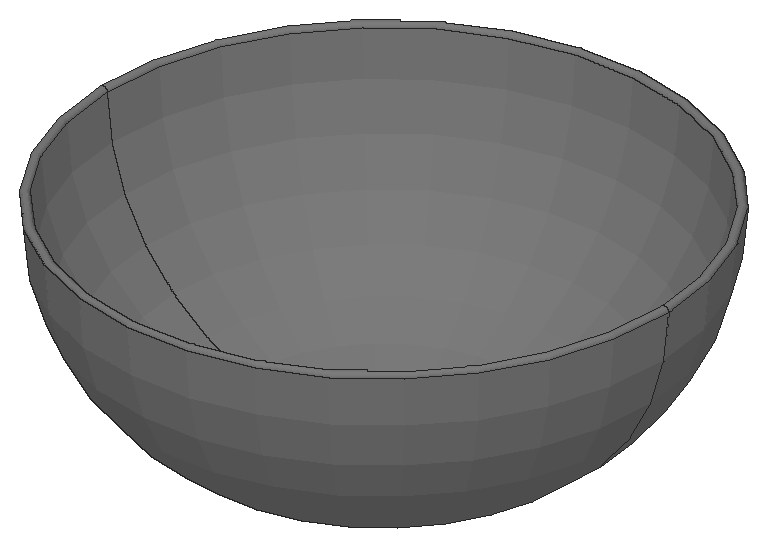
Revit family "IPSOS", category Plumbing Fixtures, Revit 2017
Family settings
  Round Connector Dimension = Use Diameter
  Part Type = Normal
  OmniClass Number = 23.45.00.00
  OmniClass Title = Sanitary, Laundry, and Cleaning Equipment
  Work Plane-Based = No
  Always vertical = Yes
  Cut with Voids When Loaded = No
  Shared = No
  Room Calculation Point = No
Parameters (values of type "IPSOS_Black")
  Waste size = 32 mm
  URL = "www.seima.com.au"
  Model = "IPSOS"
  Manufacturer = "SEIMA"
  Chrome = CHROME
  Basin Meterial = Vitreous china_Soft black
Types (3, lengths in mm): name | Basin Meterial
  (no name) | Vitreous china_Soft black
  IPSOS_White | Vitreous china_White
  IPSOS_Black | Vitreous china_Soft black
Reference planes
  plane 1 "Center (Front/Back)": y = 0
  plane 2: z = 0
  plane 3 "Center (Left/Right)": x = 0
Forms (mm)
  Revolve 1, solid, material "Vitreous china_Soft black" <- "Basin Meterial"
    sketch origin (0, 0, 0) x (1, 0, 0) y (0, 0, 1)
      loop
        arc (-177.479, 147.466) -> (-144.948, 56.865) -> (-62.214, 7.65) r 142.432
        line (-62.214, 7.65) -> (-62.214, 0) -> (0, 0) -> (0, 1.086) -> (-29.661, 1.086) -> (-29.661, 9.066)
        arc (-29.661, 9.066) -> (-29.954, 9.773) -> (-30.661, 10.066) r 1
        line (-30.661, 10.066) -> (-32.107, 10.066)
        arc (-32.107, 10.066) -> (-131.202, 49.275) -> (-172.479, 147.527) r 137.432
        arc (-172.479, 147.527) -> (-175.008, 149.967) -> (-177.479, 147.466) r 2.5
      axis (0, 0) -> (0, 147.527)
    angle from 0 to 360
  Revolve 2, solid, material "CHROME" <- "Chrome"
    sketch origin (0, 0, -1.563) x (1, 0, 0) y (0, 0, 1)
      loop
        line (-18, 1.563) -> (0, 1.563) -> (0, 7.562)
        spline (0, 7.562) -> (-1.81, 7.548) -> (-3.612, 7.503) -> (-5.395, 7.428) -> (-7.152, 7.325) -> (-8.873, 7.193) -> (-10.55, 7.032) -> (-12.174, 6.845) -> (-13.737, 6.631) -> (-15.232, 6.392) -> (-16.652, 6.129) -> (-17.988, 5.843) -> (-19.235, 5.536)
        line (-19.235, 5.536) -> (-31.026, 6.547) -> (-31.026, 5.383) -> (-18, 4.266) -> (-18, 1.563)
      axis (0, 7.562) -> (0, 1.563)
    angle from 0 to 360
Dimensions and locks
  aligned and locked: level to plane 2
Connectors
  piping at (0, 0, -1.979), diameter 32, driven by "Waste size"
    settings: on Revolve 2, index 1, connector inside diameter 609.6 mm, connector length 0 mm, flow factor 0, pipe flow 0.0 L/s, pressure drop 0.0 Pa, fitting loss kfactor 0, connector angle 0.00°, fixture units 0, engagement length 0 mm, angle of deflection 0.00°, flow configuration 0, flow direction 2, fitting loss method 0, system type 16, joint type 0, gender type 0, connector reference index -1, connector utility 0, adjustable connector no, is connector primary yes, connector description ""
